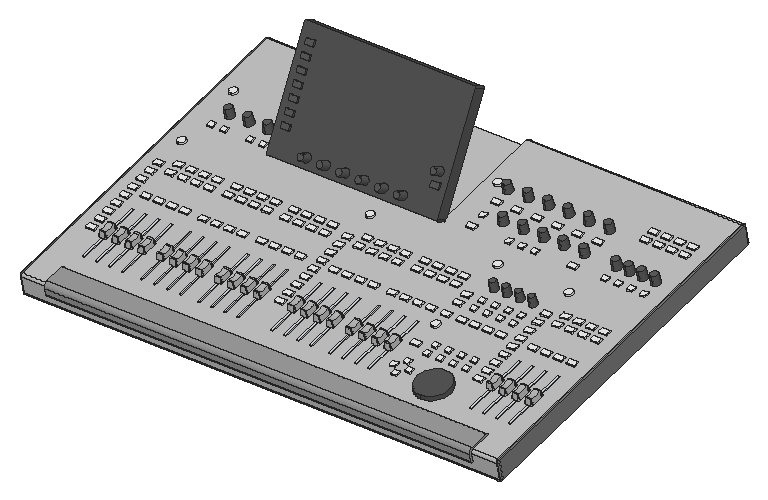
Revit family "Wing", category Communication Devices, Revit 2020 (continued)
Automatic sketch dimensions
  Extrusion 70 sketch curve to plane 3 "Center (Left/Right)" = 275.953 mm
  Extrusion 70 sketch curve to Extrusion 70 sketch curve = 0.8 mm  (x3)
  Extrusion 70 sketch curve to Extrusion 70 sketch curve = 8.076 mm  (x2)
  Extrusion 70 sketch curve to Extrusion 70 sketch curve = 13.235 mm
  Extrusion 71 sketch curve to plane 3 "Center (Left/Right)" = 275.953 mm
  Extrusion 71 sketch curve to Extrusion 71 sketch curve = 0.8 mm  (x3)
  Extrusion 71 sketch curve to Extrusion 71 sketch curve = 8.076 mm  (x2)
  Extrusion 71 sketch curve to Extrusion 71 sketch curve = 13.235 mm
  Extrusion 72 sketch curve to plane 3 "Center (Left/Right)" = 275.953 mm
  Extrusion 72 sketch curve to Extrusion 72 sketch curve = 0.8 mm  (x3)
  Extrusion 72 sketch curve to Extrusion 72 sketch curve = 8.076 mm  (x2)
  Extrusion 72 sketch curve to Extrusion 72 sketch curve = 13.235 mm
  Extrusion 73 sketch curve to plane 3 "Center (Left/Right)" = 252.435 mm
  Extrusion 73 sketch curve to Extrusion 73 sketch curve = 0.8 mm  (x3)
  Extrusion 73 sketch curve to Extrusion 73 sketch curve = 8.076 mm  (x2)
  Extrusion 73 sketch curve to Extrusion 73 sketch curve = 13.235 mm
  Extrusion 74 sketch curve to plane 3 "Center (Left/Right)" = 252.435 mm
  Extrusion 74 sketch curve to Extrusion 74 sketch curve = 0.8 mm  (x3)
  Extrusion 74 sketch curve to Extrusion 74 sketch curve = 8.076 mm  (x2)
  Extrusion 74 sketch curve to Extrusion 74 sketch curve = 13.235 mm
  Extrusion 75 sketch curve to plane 3 "Center (Left/Right)" = 252.435 mm
  Extrusion 75 sketch curve to Extrusion 75 sketch curve = 0.8 mm  (x3)
  Extrusion 75 sketch curve to Extrusion 75 sketch curve = 8.076 mm  (x2)
  Extrusion 75 sketch curve to Extrusion 75 sketch curve = 13.235 mm
  Extrusion 76 sketch curve to plane 3 "Center (Left/Right)" = 228.916 mm
  Extrusion 76 sketch curve to Extrusion 76 sketch curve = 0.8 mm  (x3)
  Extrusion 76 sketch curve to Extrusion 76 sketch curve = 8.076 mm  (x2)
  Extrusion 76 sketch curve to Extrusion 76 sketch curve = 13.235 mm
  Extrusion 77 sketch curve to plane 3 "Center (Left/Right)" = 228.916 mm
  Extrusion 77 sketch curve to Extrusion 77 sketch curve = 0.8 mm  (x3)
  Extrusion 77 sketch curve to Extrusion 77 sketch curve = 8.076 mm  (x2)
  Extrusion 77 sketch curve to Extrusion 77 sketch curve = 13.235 mm
  Extrusion 78 sketch curve to plane 3 "Center (Left/Right)" = 228.916 mm
  Extrusion 78 sketch curve to Extrusion 78 sketch curve = 0.8 mm  (x3)
  Extrusion 78 sketch curve to Extrusion 78 sketch curve = 8.076 mm  (x2)
  Extrusion 78 sketch curve to Extrusion 78 sketch curve = 13.235 mm
  Extrusion 79 sketch curve to plane 3 "Center (Left/Right)" = 205.397 mm
  Extrusion 79 sketch curve to Extrusion 79 sketch curve = 0.8 mm  (x3)
  Extrusion 79 sketch curve to Extrusion 79 sketch curve = 8.076 mm  (x2)
  Extrusion 79 sketch curve to Extrusion 79 sketch curve = 13.235 mm
  Extrusion 80 sketch curve to plane 3 "Center (Left/Right)" = 205.397 mm
  Extrusion 80 sketch curve to Extrusion 80 sketch curve = 0.8 mm  (x3)
  Extrusion 80 sketch curve to Extrusion 80 sketch curve = 8.076 mm  (x2)
  Extrusion 80 sketch curve to Extrusion 80 sketch curve = 13.235 mm
  Extrusion 81 sketch curve to plane 3 "Center (Left/Right)" = 205.397 mm
  Extrusion 81 sketch curve to Extrusion 81 sketch curve = 0.8 mm  (x3)
  Extrusion 81 sketch curve to Extrusion 81 sketch curve = 8.076 mm  (x2)
  Extrusion 81 sketch curve to Extrusion 81 sketch curve = 13.235 mm
  Extrusion 82 sketch curve to plane 3 "Center (Left/Right)" = 171.178 mm
  Extrusion 82 sketch curve to Extrusion 82 sketch curve = 0.8 mm  (x3)
  Extrusion 82 sketch curve to Extrusion 82 sketch curve = 8.076 mm  (x2)
  Extrusion 82 sketch curve to Extrusion 82 sketch curve = 13.235 mm
  Extrusion 83 sketch curve to plane 3 "Center (Left/Right)" = 171.178 mm
  Extrusion 83 sketch curve to Extrusion 83 sketch curve = 0.8 mm  (x3)
  Extrusion 83 sketch curve to Extrusion 83 sketch curve = 8.076 mm  (x2)
  Extrusion 83 sketch curve to Extrusion 83 sketch curve = 13.235 mm
  Extrusion 84 sketch curve to plane 3 "Center (Left/Right)" = 171.178 mm
  Extrusion 84 sketch curve to Extrusion 84 sketch curve = 0.8 mm  (x3)
  Extrusion 84 sketch curve to Extrusion 84 sketch curve = 8.076 mm  (x2)
  Extrusion 84 sketch curve to Extrusion 84 sketch curve = 13.235 mm
  Extrusion 85 sketch curve to plane 3 "Center (Left/Right)" = 147.659 mm
  Extrusion 85 sketch curve to Extrusion 85 sketch curve = 0.8 mm  (x3)
  Extrusion 85 sketch curve to Extrusion 85 sketch curve = 8.076 mm  (x2)
  Extrusion 85 sketch curve to Extrusion 85 sketch curve = 13.235 mm
  Extrusion 86 sketch curve to plane 3 "Center (Left/Right)" = 147.659 mm
  Extrusion 86 sketch curve to Extrusion 86 sketch curve = 0.8 mm  (x3)
  Extrusion 86 sketch curve to Extrusion 86 sketch curve = 8.076 mm  (x2)
  Extrusion 86 sketch curve to Extrusion 86 sketch curve = 13.235 mm
  Extrusion 87 sketch curve to plane 3 "Center (Left/Right)" = 147.659 mm
  Extrusion 87 sketch curve to Extrusion 87 sketch curve = 0.8 mm  (x3)
  Extrusion 87 sketch curve to Extrusion 87 sketch curve = 8.076 mm  (x2)
  Extrusion 87 sketch curve to Extrusion 87 sketch curve = 13.235 mm
  Extrusion 88 sketch curve to plane 3 "Center (Left/Right)" = 124.14 mm
  Extrusion 88 sketch curve to Extrusion 88 sketch curve = 0.8 mm  (x3)
  Extrusion 88 sketch curve to Extrusion 88 sketch curve = 8.076 mm  (x2)
  Extrusion 88 sketch curve to Extrusion 88 sketch curve = 13.235 mm
  Extrusion 89 sketch curve to plane 3 "Center (Left/Right)" = 124.14 mm
  Extrusion 89 sketch curve to Extrusion 89 sketch curve = 0.8 mm  (x3)
  Extrusion 89 sketch curve to Extrusion 89 sketch curve = 8.076 mm  (x2)
  Extrusion 89 sketch curve to Extrusion 89 sketch curve = 13.235 mm
  Extrusion 90 sketch curve to plane 3 "Center (Left/Right)" = 124.14 mm
  Extrusion 90 sketch curve to Extrusion 90 sketch curve = 0.8 mm  (x3)
  Extrusion 90 sketch curve to Extrusion 90 sketch curve = 8.076 mm  (x2)
  Extrusion 90 sketch curve to Extrusion 90 sketch curve = 13.235 mm
  Extrusion 91 sketch curve to plane 3 "Center (Left/Right)" = 100.622 mm
  Extrusion 91 sketch curve to Extrusion 91 sketch curve = 0.8 mm  (x3)
  Extrusion 91 sketch curve to Extrusion 91 sketch curve = 8.076 mm  (x2)
  Extrusion 91 sketch curve to Extrusion 91 sketch curve = 13.235 mm
  Extrusion 92 sketch curve to plane 3 "Center (Left/Right)" = 100.622 mm
  Extrusion 92 sketch curve to Extrusion 92 sketch curve = 0.8 mm  (x3)
  Extrusion 92 sketch curve to Extrusion 92 sketch curve = 8.076 mm  (x2)
  Extrusion 92 sketch curve to Extrusion 92 sketch curve = 13.235 mm
  Extrusion 93 sketch curve to plane 3 "Center (Left/Right)" = 100.622 mm
  Extrusion 93 sketch curve to Extrusion 93 sketch curve = 0.8 mm  (x3)
  Extrusion 93 sketch curve to Extrusion 93 sketch curve = 8.076 mm  (x2)
  Extrusion 93 sketch curve to Extrusion 93 sketch curve = 13.235 mm
  Extrusion 94 sketch curve to plane 3 "Center (Left/Right)" = 38.544 mm
  Extrusion 94 sketch curve to Extrusion 94 sketch curve = 0.8 mm  (x3)
  Extrusion 94 sketch curve to Extrusion 94 sketch curve = 8.076 mm  (x2)
  Extrusion 94 sketch curve to Extrusion 94 sketch curve = 13.235 mm
  Extrusion 95 sketch curve to plane 3 "Center (Left/Right)" = 38.544 mm
  Extrusion 95 sketch curve to Extrusion 95 sketch curve = 0.8 mm  (x3)
  Extrusion 95 sketch curve to Extrusion 95 sketch curve = 8.076 mm  (x2)
  Extrusion 95 sketch curve to Extrusion 95 sketch curve = 13.235 mm
  Extrusion 96 sketch curve to plane 3 "Center (Left/Right)" = 38.544 mm
  Extrusion 96 sketch curve to Extrusion 96 sketch curve = 0.8 mm  (x3)
  Extrusion 96 sketch curve to Extrusion 96 sketch curve = 8.076 mm  (x2)
  Extrusion 96 sketch curve to Extrusion 96 sketch curve = 13.235 mm
  Extrusion 97 sketch curve to plane 3 "Center (Left/Right)" = 15.025 mm
  Extrusion 97 sketch curve to Extrusion 97 sketch curve = 0.8 mm  (x3)
  Extrusion 97 sketch curve to Extrusion 97 sketch curve = 8.076 mm  (x2)
  Extrusion 97 sketch curve to plane 3 "Center (Left/Right)" = 1.79 mm
  Extrusion 98 sketch curve to plane 3 "Center (Left/Right)" = 15.025 mm
  Extrusion 98 sketch curve to Extrusion 98 sketch curve = 0.8 mm  (x3)
  Extrusion 98 sketch curve to Extrusion 98 sketch curve = 8.076 mm  (x2)
  Extrusion 98 sketch curve to plane 3 "Center (Left/Right)" = 1.79 mm
  Extrusion 99 sketch curve to plane 3 "Center (Left/Right)" = 15.025 mm
  Extrusion 99 sketch curve to Extrusion 99 sketch curve = 0.8 mm  (x3)
  Extrusion 99 sketch curve to Extrusion 99 sketch curve = 8.076 mm  (x2)
  Extrusion 99 sketch curve to plane 3 "Center (Left/Right)" = 1.79 mm
  plane 3 "Center (Left/Right)" to Extrusion 100 sketch curve = 8.494 mm
  Extrusion 100 sketch curve to Extrusion 100 sketch curve = 0.8 mm  (x3)
  Extrusion 100 sketch curve to Extrusion 100 sketch curve = 8.076 mm  (x2)
  Extrusion 100 sketch curve to Extrusion 100 sketch curve = 13.235 mm
  plane 3 "Center (Left/Right)" to Extrusion 101 sketch curve = 8.494 mm
  Extrusion 101 sketch curve to Extrusion 101 sketch curve = 0.8 mm  (x3)
  Extrusion 101 sketch curve to Extrusion 101 sketch curve = 8.076 mm  (x2)
  Extrusion 101 sketch curve to Extrusion 101 sketch curve = 13.235 mm
  plane 3 "Center (Left/Right)" to Extrusion 102 sketch curve = 8.494 mm
  Extrusion 102 sketch curve to Extrusion 102 sketch curve = 0.8 mm  (x3)
  Extrusion 102 sketch curve to Extrusion 102 sketch curve = 8.076 mm  (x2)
  Extrusion 102 sketch curve to Extrusion 102 sketch curve = 13.235 mm
  plane 3 "Center (Left/Right)" to Extrusion 103 sketch curve = 32.013 mm
  Extrusion 103 sketch curve to Extrusion 103 sketch curve = 0.8 mm  (x3)
  Extrusion 103 sketch curve to Extrusion 103 sketch curve = 8.076 mm  (x2)
  Extrusion 103 sketch curve to Extrusion 103 sketch curve = 13.235 mm
  plane 3 "Center (Left/Right)" to Extrusion 104 sketch curve = 32.013 mm
  Extrusion 104 sketch curve to Extrusion 104 sketch curve = 0.8 mm  (x3)
  Extrusion 104 sketch curve to Extrusion 104 sketch curve = 8.076 mm  (x2)
  Extrusion 104 sketch curve to Extrusion 104 sketch curve = 13.235 mm
  plane 3 "Center (Left/Right)" to Extrusion 105 sketch curve = 32.013 mm
  Extrusion 105 sketch curve to Extrusion 105 sketch curve = 0.8 mm  (x3)
  Extrusion 105 sketch curve to Extrusion 105 sketch curve = 8.076 mm  (x2)
  Extrusion 105 sketch curve to Extrusion 105 sketch curve = 13.235 mm
  plane 3 "Center (Left/Right)" to Extrusion 106 sketch curve = 66.535 mm
  Extrusion 106 sketch curve to Extrusion 106 sketch curve = 0.8 mm  (x3)
  Extrusion 106 sketch curve to Extrusion 106 sketch curve = 8.076 mm  (x2)
  Extrusion 106 sketch curve to Extrusion 106 sketch curve = 13.235 mm
  plane 3 "Center (Left/Right)" to Extrusion 107 sketch curve = 66.535 mm
  Extrusion 107 sketch curve to Extrusion 107 sketch curve = 0.8 mm  (x3)
  Extrusion 107 sketch curve to Extrusion 107 sketch curve = 8.076 mm  (x2)
  Extrusion 107 sketch curve to Extrusion 107 sketch curve = 13.235 mm
  plane 3 "Center (Left/Right)" to Extrusion 108 sketch curve = 66.535 mm
  Extrusion 108 sketch curve to Extrusion 108 sketch curve = 0.8 mm  (x3)
  Extrusion 108 sketch curve to Extrusion 108 sketch curve = 8.076 mm  (x2)
  Extrusion 108 sketch curve to Extrusion 108 sketch curve = 13.235 mm
  plane 3 "Center (Left/Right)" to Extrusion 109 sketch curve = 90.053 mm
  Extrusion 109 sketch curve to Extrusion 109 sketch curve = 0.8 mm  (x3)
  Extrusion 109 sketch curve to Extrusion 109 sketch curve = 8.076 mm  (x2)
  Extrusion 109 sketch curve to Extrusion 109 sketch curve = 13.235 mm
  plane 3 "Center (Left/Right)" to Extrusion 110 sketch curve = 90.053 mm
  Extrusion 110 sketch curve to Extrusion 110 sketch curve = 0.8 mm  (x3)
  Extrusion 110 sketch curve to Extrusion 110 sketch curve = 8.076 mm  (x2)
  Extrusion 110 sketch curve to Extrusion 110 sketch curve = 13.235 mm
  plane 3 "Center (Left/Right)" to Extrusion 111 sketch curve = 90.053 mm
  Extrusion 111 sketch curve to Extrusion 111 sketch curve = 0.8 mm  (x3)
  Extrusion 111 sketch curve to Extrusion 111 sketch curve = 8.076 mm  (x2)
  Extrusion 111 sketch curve to Extrusion 111 sketch curve = 13.235 mm
  plane 3 "Center (Left/Right)" to Extrusion 112 sketch curve = 113.572 mm
  Extrusion 112 sketch curve to Extrusion 112 sketch curve = 0.8 mm  (x3)
  Extrusion 112 sketch curve to Extrusion 112 sketch curve = 8.076 mm  (x2)
  Extrusion 112 sketch curve to Extrusion 112 sketch curve = 13.235 mm
  plane 3 "Center (Left/Right)" to Extrusion 113 sketch curve = 113.572 mm
  Extrusion 113 sketch curve to Extrusion 113 sketch curve = 0.8 mm  (x3)
  Extrusion 113 sketch curve to Extrusion 113 sketch curve = 8.076 mm  (x2)
  Extrusion 113 sketch curve to Extrusion 113 sketch curve = 13.235 mm
  plane 3 "Center (Left/Right)" to Extrusion 114 sketch curve = 113.572 mm
  Extrusion 114 sketch curve to Extrusion 114 sketch curve = 0.8 mm  (x3)
  Extrusion 114 sketch curve to Extrusion 114 sketch curve = 8.076 mm  (x2)
  Extrusion 114 sketch curve to Extrusion 114 sketch curve = 13.235 mm
  plane 3 "Center (Left/Right)" to Extrusion 115 sketch curve = 137.091 mm
  Extrusion 115 sketch curve to Extrusion 115 sketch curve = 0.8 mm  (x3)
  Extrusion 115 sketch curve to Extrusion 115 sketch curve = 8.076 mm  (x2)
  Extrusion 115 sketch curve to Extrusion 115 sketch curve = 13.235 mm
  plane 3 "Center (Left/Right)" to Extrusion 116 sketch curve = 137.091 mm
  Extrusion 116 sketch curve to Extrusion 116 sketch curve = 0.8 mm  (x3)
  Extrusion 116 sketch curve to Extrusion 116 sketch curve = 8.076 mm  (x2)
  Extrusion 116 sketch curve to Extrusion 116 sketch curve = 13.235 mm
  plane 3 "Center (Left/Right)" to Extrusion 117 sketch curve = 137.091 mm
  Extrusion 117 sketch curve to Extrusion 117 sketch curve = 0.8 mm  (x3)
  Extrusion 117 sketch curve to Extrusion 117 sketch curve = 8.076 mm  (x2)
  Extrusion 117 sketch curve to Extrusion 117 sketch curve = 13.235 mm
  plane 3 "Center (Left/Right)" to Extrusion 118 sketch curve = 322.416 mm
  Extrusion 118 sketch curve to Extrusion 118 sketch curve = 0.8 mm  (x3)
  Extrusion 118 sketch curve to Extrusion 118 sketch curve = 8.076 mm  (x2)
  Extrusion 118 sketch curve to Extrusion 118 sketch curve = 13.235 mm
  plane 3 "Center (Left/Right)" to Extrusion 119 sketch curve = 322.416 mm
  Extrusion 119 sketch curve to Extrusion 119 sketch curve = 0.8 mm  (x3)
  Extrusion 119 sketch curve to Extrusion 119 sketch curve = 8.076 mm  (x2)
  Extrusion 119 sketch curve to Extrusion 119 sketch curve = 13.235 mm
  plane 3 "Center (Left/Right)" to Extrusion 120 sketch curve = 322.416 mm
  Extrusion 120 sketch curve to Extrusion 120 sketch curve = 0.8 mm  (x3)
  Extrusion 120 sketch curve to Extrusion 120 sketch curve = 8.076 mm  (x2)
  Extrusion 120 sketch curve to Extrusion 120 sketch curve = 13.235 mm
  plane 3 "Center (Left/Right)" to Extrusion 121 sketch curve = 345.935 mm
  Extrusion 121 sketch curve to Extrusion 121 sketch curve = 0.8 mm  (x3)
  Extrusion 121 sketch curve to Extrusion 121 sketch curve = 8.076 mm  (x2)
  Extrusion 121 sketch curve to Extrusion 121 sketch curve = 13.235 mm
  plane 3 "Center (Left/Right)" to Extrusion 122 sketch curve = 345.935 mm
  Extrusion 122 sketch curve to Extrusion 122 sketch curve = 0.8 mm  (x3)
  Extrusion 122 sketch curve to Extrusion 122 sketch curve = 8.076 mm  (x2)
  Extrusion 122 sketch curve to Extrusion 122 sketch curve = 13.235 mm
  plane 3 "Center (Left/Right)" to Extrusion 123 sketch curve = 345.935 mm
  Extrusion 123 sketch curve to Extrusion 123 sketch curve = 0.8 mm  (x3)
  Extrusion 123 sketch curve to Extrusion 123 sketch curve = 8.076 mm  (x2)
  Extrusion 123 sketch curve to Extrusion 123 sketch curve = 13.235 mm
  plane 3 "Center (Left/Right)" to Extrusion 124 sketch curve = 369.454 mm
  Extrusion 124 sketch curve to Extrusion 124 sketch curve = 0.8 mm  (x3)
  Extrusion 124 sketch curve to Extrusion 124 sketch curve = 8.076 mm  (x2)
  Extrusion 124 sketch curve to Extrusion 124 sketch curve = 13.235 mm
  plane 3 "Center (Left/Right)" to Extrusion 125 sketch curve = 369.454 mm
  Extrusion 125 sketch curve to Extrusion 125 sketch curve = 0.8 mm  (x3)
  Extrusion 125 sketch curve to Extrusion 125 sketch curve = 8.076 mm  (x2)
  Extrusion 125 sketch curve to Extrusion 125 sketch curve = 13.235 mm
  plane 3 "Center (Left/Right)" to Extrusion 126 sketch curve = 369.454 mm
  Extrusion 126 sketch curve to Extrusion 126 sketch curve = 0.8 mm  (x3)
  Extrusion 126 sketch curve to Extrusion 126 sketch curve = 8.076 mm  (x2)
  Extrusion 126 sketch curve to Extrusion 126 sketch curve = 13.235 mm
  plane 3 "Center (Left/Right)" to Extrusion 127 sketch curve = 392.973 mm
  Extrusion 127 sketch curve to Extrusion 127 sketch curve = 0.8 mm  (x3)
  Extrusion 127 sketch curve to Extrusion 127 sketch curve = 8.076 mm  (x2)
  Extrusion 127 sketch curve to Extrusion 127 sketch curve = 13.235 mm
  plane 3 "Center (Left/Right)" to Extrusion 128 sketch curve = 392.973 mm
  Extrusion 128 sketch curve to Extrusion 128 sketch curve = 0.8 mm  (x3)
  Extrusion 128 sketch curve to Extrusion 128 sketch curve = 8.076 mm  (x2)
  Extrusion 128 sketch curve to Extrusion 128 sketch curve = 13.235 mm
  plane 3 "Center (Left/Right)" to Extrusion 129 sketch curve = 392.973 mm
  Extrusion 129 sketch curve to Extrusion 129 sketch curve = 0.8 mm  (x3)
  Extrusion 129 sketch curve to Extrusion 129 sketch curve = 8.076 mm  (x2)
  Extrusion 129 sketch curve to Extrusion 129 sketch curve = 13.235 mm
  plane 3 "Center (Left/Right)" to Extrusion 130 sketch curve = 164.987 mm
  Extrusion 130 sketch curve to Extrusion 130 sketch curve = 0.8 mm  (x3)
  Extrusion 130 sketch curve to Extrusion 130 sketch curve = 8.076 mm  (x2)
  Extrusion 130 sketch curve to Extrusion 130 sketch curve = 13.235 mm
  plane 3 "Center (Left/Right)" to Extrusion 131 sketch curve = 164.987 mm
  Extrusion 131 sketch curve to Extrusion 131 sketch curve = 0.8 mm  (x3)
  Extrusion 131 sketch curve to Extrusion 131 sketch curve = 8.076 mm  (x2)
  Extrusion 131 sketch curve to Extrusion 131 sketch curve = 13.235 mm
  plane 3 "Center (Left/Right)" to Extrusion 132 sketch curve = 193.302 mm
  Extrusion 132 sketch curve to Extrusion 132 sketch curve = 0.8 mm  (x3)
  Extrusion 132 sketch curve to Extrusion 132 sketch curve = 8.076 mm  (x2)
  Extrusion 132 sketch curve to Extrusion 132 sketch curve = 13.235 mm
  plane 3 "Center (Left/Right)" to Extrusion 133 sketch curve = 216.821 mm
  Extrusion 133 sketch curve to Extrusion 133 sketch curve = 0.8 mm  (x3)
  Extrusion 133 sketch curve to Extrusion 133 sketch curve = 8.076 mm  (x2)
  Extrusion 133 sketch curve to Extrusion 133 sketch curve = 13.235 mm
  plane 3 "Center (Left/Right)" to Extrusion 134 sketch curve = 240.339 mm
  Extrusion 134 sketch curve to Extrusion 134 sketch curve = 0.8 mm  (x3)
  Extrusion 134 sketch curve to Extrusion 134 sketch curve = 8.076 mm  (x2)
  Extrusion 134 sketch curve to Extrusion 134 sketch curve = 13.235 mm
  plane 3 "Center (Left/Right)" to Extrusion 135 sketch curve = 263.858 mm
  Extrusion 135 sketch curve to Extrusion 135 sketch curve = 0.8 mm  (x3)
  Extrusion 135 sketch curve to Extrusion 135 sketch curve = 8.076 mm  (x2)
  Extrusion 135 sketch curve to Extrusion 135 sketch curve = 13.235 mm
  plane 3 "Center (Left/Right)" to Extrusion 136 sketch curve = 164.91 mm
  Extrusion 136 sketch curve to Extrusion 136 sketch curve = 0.8 mm  (x3)
  Extrusion 136 sketch curve to Extrusion 136 sketch curve = 8.076 mm  (x2)
  Extrusion 136 sketch curve to Extrusion 136 sketch curve = 13.235 mm
  plane 3 "Center (Left/Right)" to Extrusion 137 sketch curve = 164.91 mm
  Extrusion 137 sketch curve to Extrusion 137 sketch curve = 0.8 mm  (x3)
  Extrusion 137 sketch curve to Extrusion 137 sketch curve = 8.076 mm  (x2)
  Extrusion 137 sketch curve to Extrusion 137 sketch curve = 13.235 mm
  plane 3 "Center (Left/Right)" to Extrusion 138 sketch curve = 79.47 mm
  Extrusion 138 sketch curve to Extrusion 138 sketch curve = 0.8 mm  (x3)
  Extrusion 138 sketch curve to Extrusion 138 sketch curve = 8.076 mm  (x2)
  Extrusion 138 sketch curve to Extrusion 138 sketch curve = 13.235 mm
  plane 3 "Center (Left/Right)" to Extrusion 139 sketch curve = 79.47 mm
  Extrusion 139 sketch curve to Extrusion 139 sketch curve = 0.8 mm  (x3)
  Extrusion 139 sketch curve to Extrusion 139 sketch curve = 8.076 mm  (x2)
  Extrusion 139 sketch curve to Extrusion 139 sketch curve = 13.235 mm
  plane 3 "Center (Left/Right)" to Extrusion 140 sketch curve = 263.669 mm
  Extrusion 140 sketch curve to Extrusion 140 sketch curve = 0.8 mm  (x3)
  Extrusion 140 sketch curve to Extrusion 140 sketch curve = 8.076 mm  (x2)
  Extrusion 140 sketch curve to Extrusion 140 sketch curve = 13.235 mm
  plane 3 "Center (Left/Right)" to Extrusion 141 sketch curve = 263.669 mm
  Extrusion 141 sketch curve to Extrusion 141 sketch curve = 0.8 mm  (x3)
  Extrusion 141 sketch curve to Extrusion 141 sketch curve = 8.076 mm  (x2)
  Extrusion 141 sketch curve to Extrusion 141 sketch curve = 13.235 mm
  plane 3 "Center (Left/Right)" to Extrusion 142 sketch curve = 116.309 mm
  Extrusion 142 sketch curve to Extrusion 142 sketch curve = 0.8 mm  (x3)
  Extrusion 142 sketch curve to Extrusion 142 sketch curve = 8.076 mm  (x2)
  Extrusion 142 sketch curve to Extrusion 142 sketch curve = 13.235 mm
  plane 3 "Center (Left/Right)" to Extrusion 143 sketch curve = 153.149 mm
  Extrusion 143 sketch curve to Extrusion 143 sketch curve = 0.8 mm  (x3)
  Extrusion 143 sketch curve to Extrusion 143 sketch curve = 8.076 mm  (x2)
  Extrusion 143 sketch curve to Extrusion 143 sketch curve = 13.235 mm
  plane 3 "Center (Left/Right)" to Extrusion 144 sketch curve = 197.934 mm
  Extrusion 144 sketch curve to Extrusion 144 sketch curve = 0.8 mm  (x3)
  Extrusion 144 sketch curve to Extrusion 144 sketch curve = 8.076 mm
  Extrusion 144 sketch curve to Extrusion 144 sketch curve = 0 mm
  Extrusion 144 sketch curve to Extrusion 144 sketch curve = 7.787 mm
  plane 3 "Center (Left/Right)" to Extrusion 145 sketch curve = 189.989 mm
  Extrusion 145 sketch curve to Extrusion 145 sketch curve = 0.8 mm  (x3)
  Extrusion 145 sketch curve to Extrusion 145 sketch curve = 8.076 mm  (x2)
  Extrusion 145 sketch curve to Extrusion 145 sketch curve = 13.235 mm
  plane 3 "Center (Left/Right)" to Extrusion 146 sketch curve = 226.829 mm
  Extrusion 146 sketch curve to Extrusion 146 sketch curve = 0.8 mm  (x3)
  Extrusion 146 sketch curve to Extrusion 146 sketch curve = 8.076 mm  (x2)
  Extrusion 146 sketch curve to Extrusion 146 sketch curve = 13.235 mm
  plane 3 "Center (Left/Right)" to Extrusion 147 sketch curve = 174.281 mm
  Extrusion 147 sketch curve to Extrusion 147 sketch curve = 0.8 mm  (x3)
  Extrusion 147 sketch curve to Extrusion 147 sketch curve = 8.076 mm
  Extrusion 147 sketch curve to Extrusion 147 sketch curve = 0 mm
  Extrusion 147 sketch curve to Extrusion 147 sketch curve = 7.787 mm
  plane 3 "Center (Left/Right)" to Extrusion 148 sketch curve = 151.035 mm
  Extrusion 148 sketch curve to Extrusion 148 sketch curve = 0.8 mm  (x3)
  Extrusion 148 sketch curve to Extrusion 148 sketch curve = 8.076 mm
  Extrusion 148 sketch curve to Extrusion 148 sketch curve = 0 mm
  Extrusion 148 sketch curve to Extrusion 148 sketch curve = 7.787 mm
  plane 3 "Center (Left/Right)" to Extrusion 149 sketch curve = 82.176 mm
  Extrusion 149 sketch curve to Extrusion 149 sketch curve = 0.8 mm  (x3)
  Extrusion 149 sketch curve to Extrusion 149 sketch curve = 8.076 mm
  Extrusion 149 sketch curve to Extrusion 149 sketch curve = 0 mm
  Extrusion 149 sketch curve to Extrusion 149 sketch curve = 7.787 mm
  plane 3 "Center (Left/Right)" to Extrusion 150 sketch curve = 325.076 mm
  Extrusion 150 sketch curve to Extrusion 150 sketch curve = 0.8 mm  (x3)
  Extrusion 150 sketch curve to Extrusion 150 sketch curve = 8.076 mm
  Extrusion 150 sketch curve to Extrusion 150 sketch curve = 0 mm
  Extrusion 150 sketch curve to Extrusion 150 sketch curve = 7.787 mm
  plane 3 "Center (Left/Right)" to Extrusion 151 sketch curve = 348.594 mm
  Extrusion 151 sketch curve to Extrusion 151 sketch curve = 0.8 mm  (x3)
  Extrusion 151 sketch curve to Extrusion 151 sketch curve = 8.076 mm
  Extrusion 151 sketch curve to Extrusion 151 sketch curve = 0 mm
  Extrusion 151 sketch curve to Extrusion 151 sketch curve = 7.787 mm
  plane 3 "Center (Left/Right)" to Extrusion 152 sketch curve = 372.113 mm
  Extrusion 152 sketch curve to Extrusion 152 sketch curve = 0.8 mm  (x3)
  Extrusion 152 sketch curve to Extrusion 152 sketch curve = 8.076 mm
  Extrusion 152 sketch curve to Extrusion 152 sketch curve = 0 mm
  Extrusion 152 sketch curve to Extrusion 152 sketch curve = 7.787 mm
  plane 3 "Center (Left/Right)" to Extrusion 153 sketch curve = 395.632 mm
  Extrusion 153 sketch curve to Extrusion 153 sketch curve = 0.8 mm  (x3)
  Extrusion 153 sketch curve to Extrusion 153 sketch curve = 8.076 mm
  Extrusion 153 sketch curve to Extrusion 153 sketch curve = 0 mm
  Extrusion 153 sketch curve to Extrusion 153 sketch curve = 7.787 mm
  plane 3 "Center (Left/Right)" to Extrusion 154 sketch curve = 196.08 mm
  Extrusion 154 sketch curve to Extrusion 154 sketch curve = 0.8 mm  (x3)
  Extrusion 154 sketch curve to Extrusion 154 sketch curve = 8.076 mm
  Extrusion 154 sketch curve to Extrusion 154 sketch curve = 0 mm
  Extrusion 154 sketch curve to Extrusion 154 sketch curve = 7.787 mm
  plane 3 "Center (Left/Right)" to Extrusion 155 sketch curve = 219.599 mm
  Extrusion 155 sketch curve to Extrusion 155 sketch curve = 0.8 mm  (x3)
  Extrusion 155 sketch curve to Extrusion 155 sketch curve = 8.076 mm
  Extrusion 155 sketch curve to Extrusion 155 sketch curve = 0 mm
  Extrusion 155 sketch curve to Extrusion 155 sketch curve = 7.787 mm
  plane 3 "Center (Left/Right)" to Extrusion 156 sketch curve = 243.117 mm
  Extrusion 156 sketch curve to Extrusion 156 sketch curve = 0.8 mm  (x3)
  Extrusion 156 sketch curve to Extrusion 156 sketch curve = 8.076 mm
  Extrusion 156 sketch curve to Extrusion 156 sketch curve = 0 mm
  Extrusion 156 sketch curve to Extrusion 156 sketch curve = 7.787 mm
  plane 3 "Center (Left/Right)" to Extrusion 157 sketch curve = 266.636 mm
  Extrusion 157 sketch curve to Extrusion 157 sketch curve = 0.8 mm  (x3)
  Extrusion 157 sketch curve to Extrusion 157 sketch curve = 8.076 mm
  Extrusion 157 sketch curve to Extrusion 157 sketch curve = 0 mm
  Extrusion 157 sketch curve to Extrusion 157 sketch curve = 7.787 mm
  plane 3 "Center (Left/Right)" to Extrusion 158 sketch curve = 196.08 mm
  Extrusion 158 sketch curve to Extrusion 158 sketch curve = 0.8 mm  (x3)
  Extrusion 158 sketch curve to Extrusion 158 sketch curve = 8.076 mm
  Extrusion 158 sketch curve to Extrusion 158 sketch curve = 0 mm
  Extrusion 158 sketch curve to Extrusion 158 sketch curve = 7.787 mm
  plane 3 "Center (Left/Right)" to Extrusion 159 sketch curve = 219.599 mm
  Extrusion 159 sketch curve to Extrusion 159 sketch curve = 0.8 mm  (x3)
  Extrusion 159 sketch curve to Extrusion 159 sketch curve = 8.076 mm
  Extrusion 159 sketch curve to Extrusion 159 sketch curve = 0 mm
  Extrusion 159 sketch curve to Extrusion 159 sketch curve = 7.787 mm
  plane 3 "Center (Left/Right)" to Extrusion 160 sketch curve = 243.117 mm
  Extrusion 160 sketch curve to Extrusion 160 sketch curve = 0.8 mm  (x3)
  Extrusion 160 sketch curve to Extrusion 160 sketch curve = 8.076 mm
  Extrusion 160 sketch curve to Extrusion 160 sketch curve = 0 mm
  Extrusion 160 sketch curve to Extrusion 160 sketch curve = 7.787 mm
  plane 3 "Center (Left/Right)" to Extrusion 161 sketch curve = 266.636 mm
  Extrusion 161 sketch curve to Extrusion 161 sketch curve = 0.8 mm  (x3)
  Extrusion 161 sketch curve to Extrusion 161 sketch curve = 8.076 mm
  Extrusion 161 sketch curve to Extrusion 161 sketch curve = 0 mm
  Extrusion 161 sketch curve to Extrusion 161 sketch curve = 7.787 mm
  plane 3 "Center (Left/Right)" to Extrusion 162 sketch curve = 196.08 mm
  Extrusion 162 sketch curve to Extrusion 162 sketch curve = 0.8 mm  (x3)
  Extrusion 162 sketch curve to Extrusion 162 sketch curve = 8.076 mm
  Extrusion 162 sketch curve to Extrusion 162 sketch curve = 0 mm
  Extrusion 162 sketch curve to Extrusion 162 sketch curve = 7.787 mm
  plane 3 "Center (Left/Right)" to Extrusion 163 sketch curve = 219.599 mm
  Extrusion 163 sketch curve to Extrusion 163 sketch curve = 0.8 mm  (x3)
  Extrusion 163 sketch curve to Extrusion 163 sketch curve = 8.076 mm
  Extrusion 163 sketch curve to Extrusion 163 sketch curve = 0 mm
  Extrusion 163 sketch curve to Extrusion 163 sketch curve = 7.787 mm
  plane 3 "Center (Left/Right)" to Extrusion 164 sketch curve = 243.117 mm
  Extrusion 164 sketch curve to Extrusion 164 sketch curve = 0.8 mm  (x3)
  Extrusion 164 sketch curve to Extrusion 164 sketch curve = 8.076 mm
  Extrusion 164 sketch curve to Extrusion 164 sketch curve = 0 mm
  Extrusion 164 sketch curve to Extrusion 164 sketch curve = 7.787 mm
  plane 3 "Center (Left/Right)" to Extrusion 165 sketch curve = 266.636 mm
  Extrusion 165 sketch curve to Extrusion 165 sketch curve = 0.8 mm  (x3)
  Extrusion 165 sketch curve to Extrusion 165 sketch curve = 8.076 mm
  Extrusion 165 sketch curve to Extrusion 165 sketch curve = 0 mm
  Extrusion 165 sketch curve to Extrusion 165 sketch curve = 7.787 mm
  plane 3 "Center (Left/Right)" to Extrusion 166 sketch curve = 196.08 mm
  Extrusion 166 sketch curve to Extrusion 166 sketch curve = 0.8 mm  (x3)
  Extrusion 166 sketch curve to Extrusion 166 sketch curve = 8.076 mm
  Extrusion 166 sketch curve to Extrusion 166 sketch curve = 0 mm
  Extrusion 166 sketch curve to Extrusion 166 sketch curve = 7.787 mm
  plane 3 "Center (Left/Right)" to Extrusion 167 sketch curve = 219.599 mm
  Extrusion 167 sketch curve to Extrusion 167 sketch curve = 0.8 mm  (x3)
  Extrusion 167 sketch curve to Extrusion 167 sketch curve = 8.076 mm
  Extrusion 167 sketch curve to Extrusion 167 sketch curve = 0 mm
  Extrusion 167 sketch curve to Extrusion 167 sketch curve = 7.787 mm
  plane 3 "Center (Left/Right)" to Extrusion 168 sketch curve = 243.117 mm
  Extrusion 168 sketch curve to Extrusion 168 sketch curve = 0.8 mm  (x3)
  Extrusion 168 sketch curve to Extrusion 168 sketch curve = 8.076 mm
  Extrusion 168 sketch curve to Extrusion 168 sketch curve = 0 mm
  Extrusion 168 sketch curve to Extrusion 168 sketch curve = 7.787 mm
  plane 3 "Center (Left/Right)" to Extrusion 169 sketch curve = 266.636 mm
  Extrusion 169 sketch curve to Extrusion 169 sketch curve = 0.8 mm  (x3)
  Extrusion 169 sketch curve to Extrusion 169 sketch curve = 8.076 mm
  Extrusion 169 sketch curve to Extrusion 169 sketch curve = 0 mm
  Extrusion 169 sketch curve to Extrusion 169 sketch curve = 7.787 mm
  plane 3 "Center (Left/Right)" to Extrusion 170 sketch curve = 195.832 mm
  Extrusion 170 sketch curve to Extrusion 170 sketch curve = 0.8 mm  (x3)
  Extrusion 170 sketch curve to Extrusion 170 sketch curve = 8.076 mm
  Extrusion 170 sketch curve to Extrusion 170 sketch curve = 0 mm
  Extrusion 170 sketch curve to Extrusion 170 sketch curve = 7.787 mm
  plane 3 "Center (Left/Right)" to Extrusion 171 sketch curve = 167.676 mm
  Extrusion 171 sketch curve to Extrusion 171 sketch curve = 0.8 mm  (x3)
  Extrusion 171 sketch curve to Extrusion 171 sketch curve = 8.076 mm
  Extrusion 171 sketch curve to Extrusion 171 sketch curve = 0 mm
  Extrusion 171 sketch curve to Extrusion 171 sketch curve = 7.787 mm
  plane 3 "Center (Left/Right)" to Extrusion 172 sketch curve = 181.584 mm
  Extrusion 172 sketch curve to Extrusion 172 sketch curve = 0.8 mm  (x3)
  Extrusion 172 sketch curve to Extrusion 172 sketch curve = 8.076 mm
  Extrusion 172 sketch curve to Extrusion 172 sketch curve = 0 mm
  Extrusion 172 sketch curve to Extrusion 172 sketch curve = 7.787 mm
  plane 3 "Center (Left/Right)" to Extrusion 173 sketch curve = 181.584 mm
  Extrusion 173 sketch curve to Extrusion 173 sketch curve = 0.8 mm  (x3)
  Extrusion 173 sketch curve to Extrusion 173 sketch curve = 8.076 mm
  Extrusion 173 sketch curve to Extrusion 173 sketch curve = 0 mm
  Extrusion 173 sketch curve to Extrusion 173 sketch curve = 7.787 mm
  Extrusion 174 sketch curve to plane 3 "Center (Left/Right)" = 366.584 mm
  Extrusion 174 sketch curve to Extrusion 174 sketch curve = 0.8 mm  (x3)
  Extrusion 174 sketch curve to Extrusion 174 sketch curve = 8.076 mm
  Extrusion 174 sketch curve to Extrusion 174 sketch curve = 0 mm
  Extrusion 174 sketch curve to Extrusion 174 sketch curve = 7.787 mm
  Extrusion 175 sketch curve to plane 3 "Center (Left/Right)" = 389.83 mm
  Extrusion 175 sketch curve to Extrusion 175 sketch curve = 0.8 mm  (x3)
  Extrusion 175 sketch curve to Extrusion 175 sketch curve = 8.076 mm
  Extrusion 175 sketch curve to Extrusion 175 sketch curve = 0 mm
  Extrusion 175 sketch curve to Extrusion 175 sketch curve = 7.787 mm
  Extrusion 176 sketch curve to plane 3 "Center (Left/Right)" = 296.205 mm
  Extrusion 176 sketch curve to Extrusion 176 sketch curve = 0.8 mm  (x3)
  Extrusion 176 sketch curve to Extrusion 176 sketch curve = 8.076 mm
  Extrusion 176 sketch curve to Extrusion 176 sketch curve = 0 mm
  Extrusion 176 sketch curve to Extrusion 176 sketch curve = 7.787 mm
  Extrusion 177 sketch curve to plane 3 "Center (Left/Right)" = 319.452 mm
  Extrusion 177 sketch curve to Extrusion 177 sketch curve = 0.8 mm  (x3)
  Extrusion 177 sketch curve to Extrusion 177 sketch curve = 8.076 mm
  Extrusion 177 sketch curve to Extrusion 177 sketch curve = 0 mm
  Extrusion 177 sketch curve to Extrusion 177 sketch curve = 7.787 mm
  Extrusion 178 sketch curve to plane 3 "Center (Left/Right)" = 402.636 mm
  Extrusion 179 sketch curve to plane 3 "Center (Left/Right)" = 402.636 mm
  Extrusion 180 sketch curve to plane 3 "Center (Left/Right)" = 60.191 mm
  plane 3 "Center (Left/Right)" to Extrusion 181 sketch curve = 171.565 mm
  plane 3 "Center (Left/Right)" to Extrusion 182 sketch curve = 300.782 mm
  plane 3 "Center (Left/Right)" to Extrusion 183 sketch curve = 171.488 mm
  plane 3 "Center (Left/Right)" to Extrusion 184 sketch curve = 61.695 mm
  plane 3 "Center (Left/Right)" to Extrusion 185 sketch curve = 252.918 mm
  cut or joined group of Extrusion 1, Extrusion 6 to Split face 1 sketch curve = 72.378 mm
  Split face 1 sketch curve to Split face 1 sketch curve = 10 mm
  Split face 1 sketch curve to cut or joined group of Extrusion 1, Extrusion 6 = 74.907 mm
  Split face 1 sketch curve to Split face 1 sketch curve = 1.561 mm
  cut or joined group of Extrusion 1, Extrusion 6 to Split face 2 sketch curve = 69.034 mm
  Split face 2 sketch curve to Split face 2 sketch curve = 2.158 mm
  Split face 2 sketch curve to Split face 2 sketch curve = 2.2 mm  (x2)
  Split face 2 sketch curve to Split face 2 sketch curve = 12.259 mm
  Split face 2 sketch curve to Split face 2 sketch curve = 0 mm
  Split face 2 sketch curve to cut or joined group of Extrusion 1, Extrusion 6 = 78.341 mm
  Split face 2 sketch curve to Split face 2 sketch curve = 5.313 mm
  cut or joined group of Extrusion 1, Extrusion 6 to Split face 3 sketch curve = 19.683 mm
  Split face 3 sketch curve to Split face 3 sketch curve = 1.1 mm  (x2)
  cut or joined group of Extrusion 1, Extrusion 6 to Split face 3 sketch curve = 18.576 mm
  Split face 3 sketch curve to cut or joined group of Extrusion 1, Extrusion 6 = 45.198 mm
  Split face 3 sketch curve to Split face 3 sketch curve = 0.009 mm
  Split face 3 sketch curve to Split face 3 sketch curve = 1.109 mm
  Split face 3 sketch curve to Split face 3 sketch curve = 33.995 mm
  Split face 4 sketch curve to cut or joined group of Extrusion 1, Extrusion 6 = 85.317 mm
  Split face 4 sketch curve to Split face 4 sketch curve = 1.1 mm  (x2)
  cut or joined group of Extrusion 1, Extrusion 6 to Split face 4 sketch curve = 11.687 mm
  cut or joined group of Extrusion 1, Extrusion 6 to Split face 4 sketch curve = 11.696 mm
  Split face 4 sketch curve to Split face 4 sketch curve = 1.109 mm
  cut or joined group of Extrusion 1, Extrusion 6 to Split face 4 sketch curve = 17.467 mm
  Split face 4 sketch curve to Split face 4 sketch curve = 33.995 mm
  Split face 5 sketch curve to cut or joined group of Extrusion 1, Extrusion 6 = 121.734 mm
  Split face 5 sketch curve to Split face 5 sketch curve = 1.1 mm  (x2)
  cut or joined group of Extrusion 1, Extrusion 6 to Split face 5 sketch curve = 18.576 mm
  Split face 5 sketch curve to cut or joined group of Extrusion 1, Extrusion 6 = 92.862 mm
  Split face 5 sketch curve to Split face 5 sketch curve = 0.009 mm
  Split face 5 sketch curve to Split face 5 sketch curve = 1.109 mm
  Split face 5 sketch curve to Split face 5 sketch curve = 33.995 mm
  cut or joined group of Extrusion 1, Extrusion 6 to Split face 6 sketch curve = 10.888 mm
  Split face 6 sketch curve to Split face 6 sketch curve = 1.1 mm  (x2)
  cut or joined group of Extrusion 1, Extrusion 6 to Split face 6 sketch curve = 18.576 mm
  Split face 6 sketch curve to cut or joined group of Extrusion 1, Extrusion 6 = 86.117 mm
  Split face 6 sketch curve to Split face 6 sketch curve = 0.009 mm
  Split face 6 sketch curve to Split face 6 sketch curve = 1.109 mm
  Split face 6 sketch curve to Split face 6 sketch curve = 33.995 mm
  cut or joined group of Extrusion 1, Extrusion 6 to Split face 7 sketch curve = 115.678 mm
  Split face 7 sketch curve to Split face 7 sketch curve = 1.1 mm  (x2)
  cut or joined group of Extrusion 1, Extrusion 6 to Split face 7 sketch curve = 18.673 mm
  cut or joined group of Extrusion 1, Extrusion 6 to Split face 7 sketch curve = 18.664 mm
  Split face 7 sketch curve to Split face 7 sketch curve = 1.109 mm
  cut or joined group of Extrusion 1, Extrusion 6 to Split face 7 sketch curve = 17.467 mm
  Split face 7 sketch curve to Split face 7 sketch curve = 33.995 mm
  Split face 8 sketch curve to cut or joined group of Extrusion 1, Extrusion 6 = 147.898 mm
  Split face 8 sketch curve to Split face 8 sketch curve = 1.1 mm  (x2)
  cut or joined group of Extrusion 1, Extrusion 6 to Split face 8 sketch curve = 18.576 mm
  Split face 8 sketch curve to Split face 8 sketch curve = 95.904 mm
  Split face 8 sketch curve to Split face 8 sketch curve = 0.009 mm
  Split face 8 sketch curve to Split face 8 sketch curve = 1.109 mm
  Split face 8 sketch curve to Split face 8 sketch curve = 33.995 mm
  Split face 9 sketch curve to cut or joined group of Extrusion 1, Extrusion 6 = 18.636 mm
  Split face 9 sketch curve to Split face 9 sketch curve = 1.1 mm  (x2)
  cut or joined group of Extrusion 1, Extrusion 6 to Split face 9 sketch curve = 18.576 mm
  Split face 9 sketch curve to Split face 9 sketch curve = 95.904 mm
  Split face 9 sketch curve to Split face 9 sketch curve = 0.009 mm
  Split face 9 sketch curve to Split face 9 sketch curve = 1.109 mm
  Split face 9 sketch curve to Split face 9 sketch curve = 33.995 mm
  Split face 10 sketch curve to cut or joined group of Extrusion 1, Extrusion 6 = 18.368 mm
  Split face 10 sketch curve to Split face 10 sketch curve = 1.1 mm  (x2)
  Split face 10 sketch curve to Split face 10 sketch curve = 95.904 mm
  Split face 10 sketch curve to Split face 10 sketch curve = 0.009 mm
  Split face 10 sketch curve to Split face 10 sketch curve = 1.109 mm
  Split face 10 sketch curve to cut or joined group of Extrusion 1, Extrusion 6 = 89.621 mm
  Split face 10 sketch curve to Split face 10 sketch curve = 20.899 mm
  Split face 11 sketch curve to cut or joined group of Extrusion 1, Extrusion 6 = 147.048 mm
  Split face 11 sketch curve to Split face 11 sketch curve = 1.1 mm  (x2)
  cut or joined group of Extrusion 1, Extrusion 6 to Split face 11 sketch curve = 8.983 mm
  cut or joined group of Extrusion 1, Extrusion 6 to Split face 11 sketch curve = 8.974 mm
  Split face 11 sketch curve to Split face 11 sketch curve = 1.109 mm
  cut or joined group of Extrusion 1, Extrusion 6 to Split face 11 sketch curve = 34.489 mm
  Split face 11 sketch curve to Split face 11 sketch curve = 42.05 mm
  cut or joined group of Extrusion 1, Extrusion 6 to Split face 12 sketch curve = 23.922 mm
  Split face 12 sketch curve to Split face 12 sketch curve = 1.1 mm  (x2)
  Split face 12 sketch curve to cut or joined group of Extrusion 1, Extrusion 6 = 49.438 mm
  Split face 12 sketch curve to Split face 12 sketch curve = 0.009 mm
  Split face 12 sketch curve to Split face 12 sketch curve = 1.109 mm
  cut or joined group of Extrusion 1, Extrusion 6 to Split face 12 sketch curve = 109.579 mm
  Split face 12 sketch curve to Split face 12 sketch curve = 31.348 mm
  Split face 13 sketch curve to cut or joined group of Extrusion 1, Extrusion 6 = 80.853 mm
  Split face 13 sketch curve to Split face 13 sketch curve = 1.1 mm  (x2)
  cut or joined group of Extrusion 1, Extrusion 6 to Split face 13 sketch curve = 7.672 mm
  cut or joined group of Extrusion 1, Extrusion 6 to Split face 13 sketch curve = 7.681 mm
  Split face 13 sketch curve to Split face 13 sketch curve = 1.109 mm
  cut or joined group of Extrusion 1, Extrusion 6 to Split face 13 sketch curve = 109.579 mm
  Split face 13 sketch curve to Split face 13 sketch curve = 31.348 mm
  Split face 14 sketch curve to cut or joined group of Extrusion 1, Extrusion 6 = 126.056 mm
  Split face 14 sketch curve to Split face 14 sketch curve = 1.1 mm  (x2)
  Split face 14 sketch curve to Split face 14 sketch curve = 87.425 mm
  Split face 14 sketch curve to Split face 14 sketch curve = 0.009 mm
  Split face 14 sketch curve to Split face 14 sketch curve = 1.109 mm
  cut or joined group of Extrusion 1, Extrusion 6 to Split face 14 sketch curve = 109.579 mm
  Split face 14 sketch curve to Split face 14 sketch curve = 31.348 mm
  cut or joined group of Extrusion 1, Extrusion 6 to Split face 15 sketch curve = 6.698 mm
  Split face 15 sketch curve to Split face 15 sketch curve = 1.1 mm  (x2)
  Split face 15 sketch curve to cut or joined group of Extrusion 1, Extrusion 6 = 81.828 mm
  Split face 15 sketch curve to Split face 15 sketch curve = 0.009 mm
  Split face 15 sketch curve to Split face 15 sketch curve = 1.109 mm
  cut or joined group of Extrusion 1, Extrusion 6 to Split face 15 sketch curve = 109.579 mm
  Split face 15 sketch curve to Split face 15 sketch curve = 31.348 mm
  cut or joined group of Extrusion 1, Extrusion 6 to Split face 16 sketch curve = 111.741 mm
  Split face 16 sketch curve to Split face 16 sketch curve = 1.1 mm  (x2)
  cut or joined group of Extrusion 1, Extrusion 6 to Split face 16 sketch curve = 23.216 mm
  cut or joined group of Extrusion 1, Extrusion 6 to Split face 16 sketch curve = 23.207 mm
  Split face 16 sketch curve to Split face 16 sketch curve = 1.109 mm
  cut or joined group of Extrusion 1, Extrusion 6 to Split face 16 sketch curve = 109.579 mm
  Split face 16 sketch curve to Split face 16 sketch curve = 31.348 mm
  Split face 17 sketch curve to cut or joined group of Extrusion 1, Extrusion 6 = 22.612 mm
  Split face 17 sketch curve to Split face 17 sketch curve = 1.1 mm  (x2)
  Split face 17 sketch curve to Split face 17 sketch curve = 87.425 mm
  Split face 17 sketch curve to Split face 17 sketch curve = 0.009 mm
  Split face 17 sketch curve to Split face 17 sketch curve = 1.109 mm
  cut or joined group of Extrusion 1, Extrusion 6 to Split face 17 sketch curve = 109.579 mm
  Split face 17 sketch curve to Split face 17 sketch curve = 31.348 mm
  Split face 18 sketch curve to cut or joined group of Extrusion 1, Extrusion 6 = 147.898 mm
  Split face 18 sketch curve to Split face 18 sketch curve = 1.1 mm  (x2)
  Split face 18 sketch curve to Split face 18 sketch curve = 95.904 mm
  Split face 18 sketch curve to Split face 18 sketch curve = 0.009 mm
  Split face 18 sketch curve to Split face 18 sketch curve = 1.109 mm
  cut or joined group of Extrusion 1, Extrusion 6 to Split face 18 sketch curve = 169.176 mm
  Split face 18 sketch curve to Split face 18 sketch curve = 20.851 mm
  Blend 186 sketch curve to plane 3 "Center (Left/Right)" = 374.215 mm  (x2)
  Blend 187 sketch curve to plane 3 "Center (Left/Right)" = 339.01 mm  (x2)
  Blend 188 sketch curve to plane 3 "Center (Left/Right)" = 303.806 mm  (x2)
  plane 3 "Center (Left/Right)" to Blend 189 sketch curve = 122.915 mm  (x2)
  plane 3 "Center (Left/Right)" to Blend 190 sketch curve = 159.755 mm  (x2)
  plane 3 "Center (Left/Right)" to Blend 191 sketch curve = 196.595 mm  (x2)
  plane 3 "Center (Left/Right)" to Blend 192 sketch curve = 233.435 mm  (x2)
  plane 3 "Center (Left/Right)" to Blend 193 sketch curve = 122.915 mm  (x2)
  plane 3 "Center (Left/Right)" to Blend 194 sketch curve = 159.755 mm  (x2)
  plane 3 "Center (Left/Right)" to Blend 195 sketch curve = 196.595 mm  (x2)
  plane 3 "Center (Left/Right)" to Blend 196 sketch curve = 233.435 mm  (x2)
  plane 3 "Center (Left/Right)" to Blend 197 sketch curve = 86.075 mm  (x2)
  plane 3 "Center (Left/Right)" to Blend 198 sketch curve = 270.275 mm  (x2)
  plane 3 "Center (Left/Right)" to Blend 199 sketch curve = 270.275 mm  (x2)
  plane 3 "Center (Left/Right)" to Blend 200 sketch curve = 328.861 mm  (x2)
  plane 3 "Center (Left/Right)" to Blend 201 sketch curve = 352.38 mm  (x2)
  plane 3 "Center (Left/Right)" to Blend 202 sketch curve = 375.898 mm  (x2)
  plane 3 "Center (Left/Right)" to Blend 203 sketch curve = 399.417 mm  (x2)
  plane 3 "Center (Left/Right)" to Blend 204 sketch curve = 270.36 mm  (x2)
  plane 3 "Center (Left/Right)" to Blend 205 sketch curve = 246.841 mm  (x2)
  plane 3 "Center (Left/Right)" to Blend 206 sketch curve = 223.323 mm  (x2)
  plane 3 "Center (Left/Right)" to Blend 207 sketch curve = 199.804 mm  (x2)
  plane 3 "Center (Left/Right)" to Extrusion 208 sketch curve = 322.416 mm
  Extrusion 208 sketch curve to Extrusion 208 sketch curve = 0.8 mm  (x3)
  Extrusion 208 sketch curve to Extrusion 208 sketch curve = 8.076 mm  (x2)
  Extrusion 208 sketch curve to Extrusion 208 sketch curve = 13.235 mm
  plane 3 "Center (Left/Right)" to Extrusion 209 sketch curve = 322.416 mm
  Extrusion 209 sketch curve to Extrusion 209 sketch curve = 0.8 mm  (x3)
  Extrusion 209 sketch curve to Extrusion 209 sketch curve = 8.076 mm  (x2)
  Extrusion 209 sketch curve to Extrusion 209 sketch curve = 13.235 mm
  plane 3 "Center (Left/Right)" to Extrusion 210 sketch curve = 345.935 mm
  Extrusion 210 sketch curve to Extrusion 210 sketch curve = 0.8 mm  (x3)
  Extrusion 210 sketch curve to Extrusion 210 sketch curve = 8.076 mm  (x2)
  Extrusion 210 sketch curve to Extrusion 210 sketch curve = 13.235 mm
  plane 3 "Center (Left/Right)" to Extrusion 211 sketch curve = 345.935 mm
  Extrusion 211 sketch curve to Extrusion 211 sketch curve = 0.8 mm  (x3)
  Extrusion 211 sketch curve to Extrusion 211 sketch curve = 8.076 mm  (x2)
  Extrusion 211 sketch curve to Extrusion 211 sketch curve = 13.235 mm
  plane 3 "Center (Left/Right)" to Extrusion 212 sketch curve = 369.454 mm
  Extrusion 212 sketch curve to Extrusion 212 sketch curve = 0.8 mm  (x3)
  Extrusion 212 sketch curve to Extrusion 212 sketch curve = 8.076 mm  (x2)
  Extrusion 212 sketch curve to Extrusion 212 sketch curve = 13.235 mm
  plane 3 "Center (Left/Right)" to Extrusion 213 sketch curve = 369.454 mm
  Extrusion 213 sketch curve to Extrusion 213 sketch curve = 0.8 mm  (x3)
  Extrusion 213 sketch curve to Extrusion 213 sketch curve = 8.076 mm  (x2)
  Extrusion 213 sketch curve to Extrusion 213 sketch curve = 13.235 mm
  plane 3 "Center (Left/Right)" to Extrusion 214 sketch curve = 392.973 mm
  Extrusion 214 sketch curve to Extrusion 214 sketch curve = 0.8 mm  (x3)
  Extrusion 214 sketch curve to Extrusion 214 sketch curve = 8.076 mm  (x2)
  Extrusion 214 sketch curve to Extrusion 214 sketch curve = 13.235 mm
  plane 3 "Center (Left/Right)" to Extrusion 215 sketch curve = 392.973 mm
  Extrusion 215 sketch curve to Extrusion 215 sketch curve = 0.8 mm  (x3)
  Extrusion 215 sketch curve to Extrusion 215 sketch curve = 8.076 mm  (x2)
  Extrusion 215 sketch curve to Extrusion 215 sketch curve = 13.235 mm
  cut or joined group of Extrusion 1, Extrusion 6 to Split face 19 sketch curve = 73.199 mm
  cut or joined group of Extrusion 1, Extrusion 6 to Split face 19 sketch curve = 139.018 mm
  Split face 19 sketch curve to Split face 19 sketch curve = 1.1 mm  (x3)
  Split face 19 sketch curve to Split face 19 sketch curve = 15.754 mm
  Split face 19 sketch curve to Split face 19 sketch curve = 0 mm
  Split face 19 sketch curve to Split face 19 sketch curve = 12.179 mm
  Split face 20 sketch curve to cut or joined group of Extrusion 1, Extrusion 6 = 10.189 mm  (x2)
  cut or joined group of Extrusion 1, Extrusion 6 to Split face 20 sketch curve = 95.086 mm
  Split face 20 sketch curve to Split face 20 sketch curve = 1.1 mm  (x3)
  Split face 20 sketch curve to Split face 20 sketch curve = 25.054 mm
  Split face 20 sketch curve to Split face 20 sketch curve = 6.19 mm
  Split face 21 sketch curve to cut or joined group of Extrusion 1, Extrusion 6 = 10.189 mm  (x2)
  Split face 21 sketch curve to cut or joined group of Extrusion 1, Extrusion 6 = 184.846 mm
  Split face 21 sketch curve to Split face 21 sketch curve = 1.1 mm  (x3)
  Split face 21 sketch curve to Split face 21 sketch curve = 25.054 mm
  Split face 21 sketch curve to Split face 21 sketch curve = 6.19 mm
  level to Extrusion 216 sketch curve = 121.426 mm
  plane 3 "Center (Left/Right)" to Extrusion 216 sketch curve = 221.81 mm
  level to Extrusion 217 sketch curve = 42.569 mm
  plane 3 "Center (Left/Right)" to Extrusion 217 sketch curve = 62.987 mm
  level to Extrusion 218 sketch curve = 82.772 mm
  plane 3 "Center (Left/Right)" to Extrusion 218 sketch curve = 147.529 mm
  level to Extrusion 219 sketch curve = 82.772 mm
  Extrusion 219 sketch curve to plane 3 "Center (Left/Right)" = 51.934 mm
  level to Extrusion 220 sketch curve = 42.541 mm
  plane 3 "Center (Left/Right)" to Extrusion 220 sketch curve = 32.854 mm
  plane 3 "Center (Left/Right)" to Extrusion 221 sketch curve = 2.638 mm
  level to Extrusion 221 sketch curve = 42.719 mm
  level to Extrusion 222 sketch curve = 42.512 mm
  Extrusion 222 sketch curve to plane 3 "Center (Left/Right)" = 26.603 mm
  level to Extrusion 223 sketch curve = 42.806 mm
  Extrusion 223 sketch curve to plane 3 "Center (Left/Right)" = 54.398 mm
  level to Extrusion 224 sketch curve = 42.629 mm
  Extrusion 224 sketch curve to plane 3 "Center (Left/Right)" = 82.434 mm
  Split face 22 sketch curve to cut or joined group 1 (Extrusion 4, Extrusion 216, Extrusion 217, Extrusion 218, Extrusion 219, Extrusion 220, Extrusion 221, Extrusion 222, Extrusion 223, Extrusion 224, Extrusion 225, Extrusion 226, Extrusion 227, Extrusion 228, Extrusion 229, Extrusion 230, Extrusion 231, Extrusion 232, Extrusion 233, Extrusion 234, Extrusion 235, Extrusion 236, Extrusion 237, Extrusion 238, Extrusion 239) = 6.359 mm
  Split face 22 sketch curve to Split face 22 sketch curve = 1.515 mm
  Split face 22 sketch curve to Split face 22 sketch curve = 3.029 mm
  cut or joined group 1 to Split face 22 sketch curve = 31.173 mm
  Split face 22 sketch curve to Split face 22 sketch curve = 3.953 mm
  Split face 22 sketch curve to Split face 22 sketch curve = 1.514 mm
  Split face 22 sketch curve to Split face 22 sketch curve = 0 mm
  Split face 23 sketch curve to cut or joined group 1 = 6.114 mm
  Split face 23 sketch curve to Split face 23 sketch curve = 1.515 mm
  Split face 23 sketch curve to Split face 23 sketch curve = 3.029 mm
  cut or joined group 1 to Split face 23 sketch curve = 31.173 mm
  Split face 23 sketch curve to Split face 23 sketch curve = 3.953 mm
  Split face 23 sketch curve to Split face 23 sketch curve = 1.514 mm
  Split face 24 sketch curve to cut or joined group 1 = 7.873 mm
  cut or joined group 1 to Split face 24 sketch curve = 31.173 mm
  Split face 25 sketch curve to cut or joined group 1 = 4.6 mm
  cut or joined group 1 to Split face 25 sketch curve = 31.173 mm
  level to Extrusion 225 sketch curve = 26.479 mm
  Extrusion 225 sketch curve to Extrusion 225 sketch curve = 25 mm
  plane 3 "Center (Left/Right)" to Extrusion 225 sketch curve = 170.175 mm
  Extrusion 225 sketch curve to Extrusion 225 sketch curve = 38.164 mm
  Extrusion 226 sketch curve to plane 3 "Center (Left/Right)" = 21.408 mm
  level to Extrusion 226 sketch curve = 82.577 mm
  level to Extrusion 227 sketch curve = 82.577 mm
  Extrusion 227 sketch curve to plane 3 "Center (Left/Right)" = 220.871 mm
  level to Extrusion 228 sketch curve = 82.744 mm
  plane 3 "Center (Left/Right)" to Extrusion 228 sketch curve = 123.395 mm
  level to Extrusion 229 sketch curve = 82.744 mm
  Extrusion 229 sketch curve to plane 3 "Center (Left/Right)" = 76.068 mm
  level to Extrusion 230 sketch curve = 82.716 mm
  plane 3 "Center (Left/Right)" to Extrusion 230 sketch curve = 99.261 mm
  level to Extrusion 231 sketch curve = 82.716 mm
  Extrusion 231 sketch curve to plane 3 "Center (Left/Right)" = 100.201 mm
  level to Extrusion 232 sketch curve = 82.688 mm
  plane 3 "Center (Left/Right)" to Extrusion 232 sketch curve = 75.127 mm
  level to Extrusion 233 sketch curve = 82.688 mm
  Extrusion 233 sketch curve to plane 3 "Center (Left/Right)" = 124.335 mm
  level to Extrusion 234 sketch curve = 82.66 mm
  plane 3 "Center (Left/Right)" to Extrusion 234 sketch curve = 50.993 mm
  level to Extrusion 235 sketch curve = 82.66 mm
  Extrusion 235 sketch curve to plane 3 "Center (Left/Right)" = 148.469 mm
  plane 3 "Center (Left/Right)" to Extrusion 236 sketch curve = 26.86 mm
  level to Extrusion 236 sketch curve = 82.633 mm
  level to Extrusion 237 sketch curve = 82.633 mm
  Extrusion 237 sketch curve to plane 3 "Center (Left/Right)" = 172.603 mm
  plane 3 "Center (Left/Right)" to Extrusion 238 sketch curve = 2.726 mm
  level to Extrusion 238 sketch curve = 82.605 mm
  level to Extrusion 239 sketch curve = 82.605 mm
  Extrusion 239 sketch curve to plane 3 "Center (Left/Right)" = 196.737 mm
  level to curve 1261 = 23.014 mm
  curve 1261 to curve 1260 = 5 mm
  curve 1261 to curve 1264 = 5 mm
  curve 1262 to curve 1262 = 26.641 mm
  curve 1260 to curve 1260 = 26.641 mm
  curve 1263 to curve 1259 = 5 mm
  curve 1262 to plane 3 "Center (Left/Right)" = 234.381 mm
  curve 1261 to plane 3 "Center (Left/Right)" = 108.866 mm
  Split face 26 sketch curve to cut or joined group 1 = 3.427 mm
